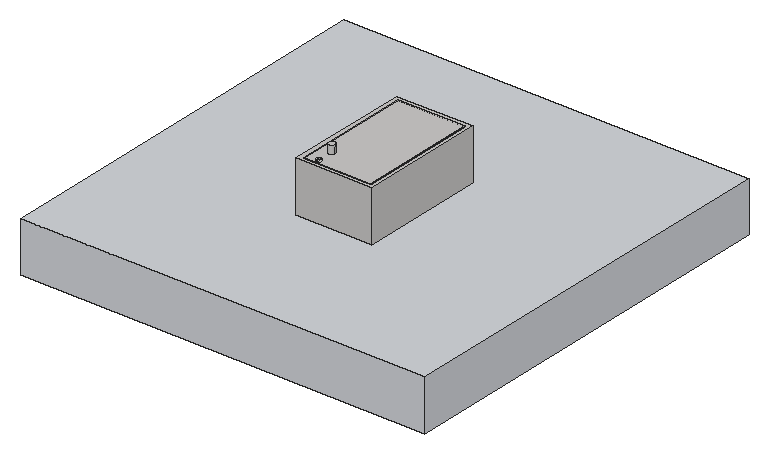
Revit family
Parameters (values of type "B-7316")
  Width = 18"
  URL = "http://www.bobrick.com/"
  Type Comments = ""
  Specification = "Narcotics Cabinet design shall conform to Department of Justice (DOJ) standards for the storage of controlled substances. Cabinet shall be constructed of 20 gauge (0.9mm) Type 304 stainless steel with satin finish, double wall welded construction throughout. Cabinet shall be 18\" W x 30\" H x 12\" D (457 x 762 x 305mm) and have two doors, one behind the other. Each door shall have a keyed lock. Door shall not close with keys left in locks. Reinforced doors and corners. Secured to Cabinet with a full-length stainless stell piano-hinge. Narcotics Cabinet shall be Model B-7316 of Bobrick Washroom Equipment, Inc., Clifton Park, New York; Jackson, Tennessee; Los Angeles, California; Bobrick Washroom Equipment Company, Scarborough, Ontario; Bobrick Washroom Equipment Pty. Ltd., Australia; and Bobrick Washroom Equipment Limited, United Kingdom."
  Price = "Prices may vary. Please consult Manufacturer Representative for most up-to-date price list."  # constant formula
  Phone Number = "416-250-5656"  # constant formula
  Omniclass Table 23 Title = "Equipment & Furnishings"  # constant formula
  Omniclass Table 23 Code = "23.40.00.00"  # constant formula
  Model = "B-7316"
  Material = Stainless Steel-Bobrick-Type 304-Satin
  Manufacturer = "Bobrick"
  Length = 12"
  Installation Type = "Wall Mounted "
  Height = 30"
  Description = "Bobrick Narcotics Cabinet"
  Default Elevation = 106"
  Creation Date = "06/17/2015"  # constant formula
  Created By = "Allied Technical Services"  # constant formula
  Assembly Code = "E1020810"
  ATS URL = "http://www.atsspec.net"
Reference planes (in)
  plane 1 "Center (Front/Back)": y = 0
  plane 2: z = 0
  plane 3 "Center (Left/Right)": x = 0
  plane 4: x = -9
  plane 5: x = 9
  plane 6: z = 12
  plane 7: y = 15
  plane 8: y = -15
  plane 9: y = -91
Forms (in)
  Extrusion 1, solid
    sketch origin (0, 0, 0) x (1, 0, 0) y (0, 1, 0)
      loop
        line (-48, 48) -> (-48, -48) -> (48, -48) -> (48, 48) -> (-48, 48)
    from 0 to -12
  Extrusion 2, solid, material "Stainless Steel-Bobrick-Type 304-Satin" <- "Material"
    sketch origin (0, 0, 0) x (1, 0, 0) y (0, 1, 0)
      loop
        line (8, -14) -> (8, 14) -> (-8, 14) -> (-8, -14) -> (8, -14)
    from 0 to 0.75
  Extrusion 3, solid, material "Stainless Steel-Bobrick-Type 304-Satin" <- "Material"
    sketch origin (0, 0, 0) x (0, 1, 0) y (0, 0, 1)
      loop
        line (7.625, 10.25) -> (7.125, 10.25) -> (7.125, 0.75) -> (7.625, 0.75) -> (7.625, 10.25)
      loop
        line (0.25, 10.25) -> (-0.25, 10.25) -> (-0.25, 0.75) -> (0.25, 0.75) -> (0.25, 10.25)
      loop
        line (-6.875, 10.25) -> (-7.375, 10.25) -> (-7.375, 0.75) -> (-6.875, 0.75) -> (-6.875, 10.25)
    from -8 to 8
  Extrusion 4, solid, material "Stainless Steel-Bobrick-Type 304-Satin" <- "Material"
    sketch origin (0, 0, 0) x (1, 0, 0) y (0, 0, 1)
      loop
        line (7.81773, 12) -> (-8, 12) -> (-8, 11.75) -> (8, 11.75) -> (8, 11.93366)
        arc (8, 11.93366) -> (7.93177, 12.02977) -> (7.81773, 12) r 0.1037
      loop
        line (8, 11.40517) -> (-8, 11.40517) -> (-8, 11.15517) -> (8, 11.15517) -> (8, 11.40517)
    from -14 to 14
  Extrusion 5, solid, material "Stainless Steel-Bobrick-Type 304-Satin" <- "Material"
    sketch origin (1.39791, 1.39517, 0) x (1, 0, 0) y (0, 1, 0)
      loop
        circle (-6.64791, -10.39517) r 0.75
    from 12 to 13.75
  Revolve 6, solid, material "Stainless Steel-Bobrick-Type 304-Satin" <- "Material"
    sketch origin (-5.25, -0.625, 0) x (0, 1, 0) y (0, 0, 1)
      loop
        line (-12.25, 12) -> (-11.625, 12) -> (-11.72591, 12.20194)
        arc (-11.72591, 12.20194) -> (-11.75795, 12.23702) -> (-11.80365, 12.25) r 0.0869
        line (-11.80365, 12.25) -> (-12.25, 12.25) -> (-12.25, 12)
      axis (-12.25, 12.25) -> (-12.25, 12)
    angle from 0 to 360
  Extrusion 7, void
    sketch origin (0, 0.03728, 0) x (1, 0, 0) y (0, 1, 0)
      loop
        arc (-5.3125, -13.2326) -> (-5.25, -13.2951) -> (-5.1875, -13.2326) r 0.0625
        line (-5.1875, -13.2326) -> (-5.1875, -12.63234)
        arc (-5.1875, -12.63234) -> (-5.25, -12.56984) -> (-5.3125, -12.63234) r 0.0625
        line (-5.3125, -12.63234) -> (-5.3125, -13.2326)
    from 12.05718 to 12.31715
  Extrusion 8, solid, material "Stainless Steel-Bobrick-Type 304-Satin" <- "Material"
    sketch origin (0, 0, 0) x (1, 0, 0) y (0, 1, 0)
      loop
        line (-9, -15) -> (9, -15) -> (9, 15) -> (-9, 15) -> (-9, -15)
      loop
        line (-8, 14) -> (-8, -14) -> (8, -14) -> (8, 14) -> (-8, 14)
    from 0 to 12
Cuts and joins
  Extrusion 7 cuts Extrusion 2
  joined: Extrusion 2, Extrusion 8
  Extrusion 7 cuts Extrusion 4
  Extrusion 7 cuts Revolve 6
  joined: Extrusion 4, Extrusion 5, Revolve 6
Lines and regions (in)
  Masking region 1
    outline origin (0, 0, 0) x (1, 0, 0) y (0, 1, 0)
      loop
        line (-9, 15) -> (-9, -15) -> (9, -15) -> (9, 15) -> (-9, 15)
  Masking region 2
    outline origin (0, 0, 0) x (1, 0, 0) y (0, 0, 1)
      loop
        line (9, 0) -> (9, 12) -> (-4.5, 12) -> (-4.5, 13.75) -> (-6, 13.75) -> (-6, 12) -> (-9, 12) -> (-9, 0) -> (9, 0)
  Masking region 3
    outline origin (0, 0, 0) x (0, 1, 0) y (0, 0, 1)
      loop
        line (15, 0) -> (15, 12) -> (-8.25, 12) -> (-8.25, 13.75) -> (-9.75, 13.75) -> (-9.75, 12) -> (-12.25, 12) -> (-12.35134, 12.20245)
        arc (-12.35134, 12.20245) -> (-12.38308, 12.23715) -> (-12.42832, 12.25) r 0.08608
        line (-12.42832, 12.25) -> (-13.32168, 12.25)
        arc (-13.32168, 12.25) -> (-13.36692, 12.23715) -> (-13.39866, 12.20245) r 0.08608
        line (-13.39866, 12.20245) -> (-13.5, 12) -> (-15, 12) -> (-15, 0) -> (15, 0)
  symbolic lines, detail levels medium+fine
    curve 1: line (7.81773, 14, 0) -> (7.81773, -14, 0)
    curve 2: circle (-5.25, -9, 0) r 0.75 normal (0, 0, 1)
    curve 8: line (-8, -14, 0) -> (8, -14, 0)
    curve 9: line (-8, 14, 0) -> (-8, -14, 0)
    curve 10: line (8, 14, 0) -> (-8, 14, 0)
    curve 11: line (8, -14, 0) -> (8, 14, 0)
    curve 12: line (-4.5, 0, 12) -> (-6, 0, 12)
    curve 13: line (0, -8.25, 12) -> (0, -9.75, 12)
    curve 14: line (0, -12.25, 12) -> (0, -13.5, 12)
  symbolic lines, detail levels fine
    curve 3: circle (-5.25, -12.875, 0) r 0.625 normal (0, 0, -1)
    curve 4: arc (-5.3125, -13.19532, 0) -> (-5.25, -13.25782, 0) -> (-5.1875, -13.19532, 0) r 0.0625
    curve 5: arc (-5.1875, -12.59506, 0) -> (-5.25, -12.53256, 0) -> (-5.3125, -12.59506, 0) r 0.0625
    curve 6: line (-5.3125, -12.59506, 0) -> (-5.3125, -13.19532, 0)
    curve 7: line (-5.1875, -13.19532, 0) -> (-5.1875, -12.59506, 0)
Dimensions and locks (in)
  "Length": plane 6 to Extrusion 1
  "Height": plane 7 to plane 8
  "Width": plane 4 to plane 5
  "Default Elevation": plane 7 to plane 9
  aligned and locked: plane 2 to Extrusion 1
  aligned and locked: level to Extrusion 1
  aligned and locked: Extrusion 5 to cut or joined group of Extrusion 2, Extrusion 7, Extrusion 8
Automatic sketch dimensions
  Extrusion 1 sketch curve to Extrusion 1 sketch curve = 96"  (x2)
  Extrusion 2 sketch curve to plane 4 = 1"
  Extrusion 2 sketch curve to plane 5 = 1"
  plane 1 "Center (Front/Back)" to Extrusion 2 sketch curve = 14"
  Extrusion 2 sketch curve to plane 1 "Center (Front/Back)" = 14"
  Extrusion 3 sketch curve to plane 6 = 1 3/4"  (x3)
  plane 1 "Center (Front/Back)" to Extrusion 3 sketch curve = 7 3/8"
  Extrusion 3 sketch curve to Extrusion 3 sketch curve = 1/2"  (x2)
  plane 1 "Center (Front/Back)" to Extrusion 3 sketch curve = 1/4"
  Extrusion 3 sketch curve to plane 1 "Center (Front/Back)" = 1/4"
  level to Extrusion 3 sketch curve = 3/4"  (x3)
  Extrusion 3 sketch curve to Extrusion 3 sketch curve = 6 7/8"
  Extrusion 4 sketch curve to plane 6 = 0"
  Extrusion 4 sketch curve to plane 4 = 1"
  Extrusion 4 sketch curve to Extrusion 4 sketch curve = 0"
  Extrusion 4 sketch curve to plane 5 = 1.18227"
  Extrusion 4 sketch curve to Extrusion 4 sketch curve = 0.07857"
  Extrusion 4 sketch curve to Extrusion 4 sketch curve = 0.10369"  (x2)
  Extrusion 4 sketch curve to plane 6 = 0.06634"
  Extrusion 4 sketch curve to Extrusion 4 sketch curve = 0.18366"
  Extrusion 4 sketch curve to Extrusion 4 sketch curve = 0.34483"
  Extrusion 4 sketch curve to Extrusion 4 sketch curve = 1/4"
  Extrusion 5 sketch curve to plane 4 = 3 3/4"
  plane 1 "Center (Front/Back)" to Extrusion 5 sketch curve = 9"
  Revolve 6 sketch curve to plane 6 = 0"
  plane 1 "Center (Front/Back)" to Revolve 6 sketch curve = 12 7/8"
  Revolve 6 sketch curve to Revolve 6 sketch curve = 0"
  plane 6 to Revolve 6 sketch curve = 1/4"
  Revolve 6 sketch curve to Revolve 6 sketch curve = 0.44635"
  Revolve 6 sketch curve to Revolve 6 sketch curve = 0.07774"
  Revolve 6 sketch curve to Revolve 6 sketch curve = 0.10091"
  plane 6 to Revolve 6 sketch curve = 0.07733"
  Revolve 6 sketch curve to Revolve 6 sketch curve = 0.0869"
  Revolve 6 sketch curve to Revolve 6 sketch curve = 0.07668"
  Extrusion 7 sketch curve to plane 4 = 3 11/16"
  Extrusion 7 sketch curve to Extrusion 7 sketch curve = 1/16"
  plane 1 "Center (Front/Back)" to Extrusion 7 sketch curve = 13 25/128"
  Extrusion 7 sketch curve to Extrusion 7 sketch curve = 0.60026"
  Extrusion 8 sketch curve to plane 4 = 0"
  Extrusion 8 sketch curve to plane 5 = 0"
  Extrusion 8 sketch curve to plane 4 = 1"
  Extrusion 8 sketch curve to plane 5 = 1"
  plane 1 "Center (Front/Back)" to Extrusion 8 sketch curve = 15"
  Extrusion 8 sketch curve to Extrusion 8 sketch curve = 1"  (x2)
  Extrusion 8 sketch curve to plane 1 "Center (Front/Back)" = 14"
  curve 9 to plane 4 = 1"
  curve 8 to curve 6 = 2 11/16"
  curve 5 to curve 2 = 1/16"
  curve 5 to curve 3 = 1/16"
  curve 4 to curve 4 = 1/16"
  curve 1 to plane 5 = 1.18227"
  curve 1 to curve 8 = 0.18227"
  plane 8 to curve 1 = 1"
  plane 8 to curve 9 = 1"
  plane 8 to curve 4 = 1 103/128"
  curve 4 to curve 3 = 41/128"
  curve 3 to curve 5 = 0.27994"
  curve 5 to curve 2 = 3.59506"
  curve 10 to plane 7 = 1"
  curve 1 to curve 10 = 0"
  Masking region 1 sketch curve to plane 4 = 0"
  Masking region 1 sketch curve to plane 5 = 0"
  Masking region 1 sketch curve to plane 8 = 0"
  Masking region 1 sketch curve to plane 7 = 0"
  Masking region 2 sketch curve to level = 0"
  plane 4 to Masking region 2 sketch curve = 0"
  Masking region 2 sketch curve to plane 6 = 0"  (x2)
  Masking region 2 sketch curve to plane 5 = 0"
  Masking region 2 sketch curve to plane 4 = 3"
  Masking region 2 sketch curve to Masking region 2 sketch curve = 1 1/2"
  plane 6 to Masking region 2 sketch curve = 1 3/4"
  curve 12 to plane 6 = 0"
  curve 12 to plane 4 = 3"
  curve 12 to curve 12 = 1 1/2"
  Masking region 3 sketch curve to level = 0"
  Masking region 3 sketch curve to plane 8 = 0"
  Masking region 3 sketch curve to plane 6 = 0"  (x3)
  Masking region 3 sketch curve to plane 7 = 0"
  Masking region 3 sketch curve to Masking region 3 sketch curve = 1 1/2"  (x2)
  Masking region 3 sketch curve to Masking region 3 sketch curve = 0.10134"  (x2)
  Masking region 3 sketch curve to Masking region 3 sketch curve = 0.07698"  (x2)
  plane 6 to Masking region 3 sketch curve = 1/4"
  Masking region 3 sketch curve to Masking region 3 sketch curve = 0.89336"
  Masking region 3 sketch curve to Masking region 3 sketch curve = 2 1/2"
  Masking region 3 sketch curve to Masking region 3 sketch curve = 0.08608"  (x2)
  plane 6 to Masking region 3 sketch curve = 1 3/4"
  curve 14 to plane 6 = 0"
  curve 13 to plane 6 = 0"
  plane 8 to curve 14 = 1 1/2"
  curve 14 to curve 14 = 1 1/4"
  curve 14 to curve 13 = 2 1/2"
  curve 13 to curve 13 = 1 1/2"
  radius of Extrusion 5 sketch curve = 3/4"
  radius of curve 2 = 3/4"
  radius of curve 3 = 5/8"
